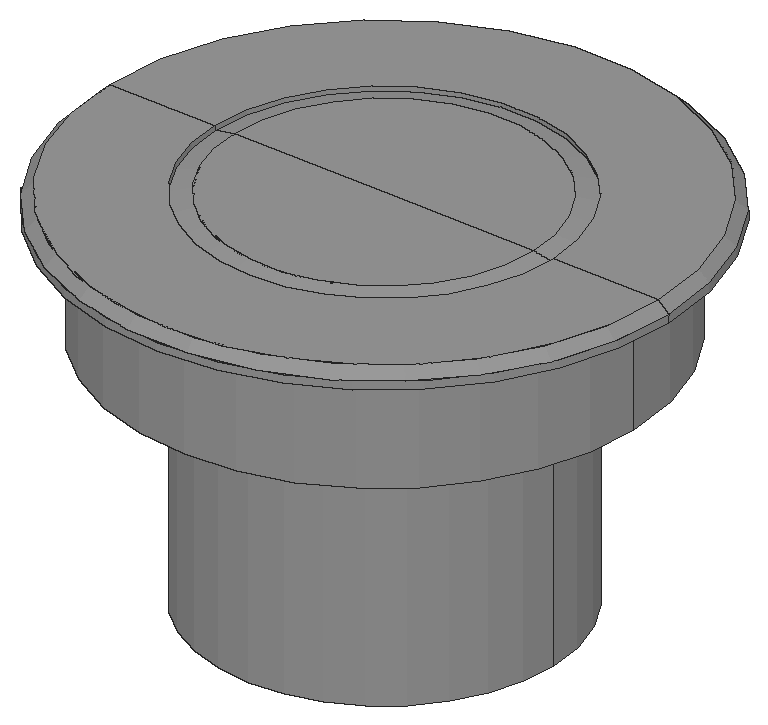
Revit family "4069950 Sylvania Lighting Fixture PATHE CEILING ROUND3 WIDE 107LM LED 3K", category Lighting Fixtures, host Face, Revit 2016
Family settings
  Host = Face
  Part Type = Normal
  Round Connector Dimension = Use Diameter
  OmniClass Number = 23.80.70.00
  OmniClass Title = Lighting
  Cut with Voids When Loaded = No
  Light Source = Yes
  Shared = No
  Room Calculation Point = No
Parameters (values of type "4069950 PATHE/C/R3 WIDE 107LM LED 3K")
  Weight = "1.0 kg"
  Wattage Comments = ""
  Wattage = 4.4 W
  WarrantyStartDate [instance] = "n/a"
  WarrantyGuarantorParts = "n/a"
  WarrantyDurationUnit = "n/a"
  WarrantyDurationParts = "n/a"
  WarrantyDescription = "n/a"
  built-in parameter 1150110 = 1 (stored number, unit not read)
  Voltage = 0 V
  URL = "http://www.sylvania-lighting.com"
  TypeName = "PATHE/CEILING/ROUND3 WIDE 107LM LED 3K"
  Type Image = <None>
  Type Comments = "n/a"
  built-in parameter 1114217 = 1 (stored number, unit not read)
  Tilt Angle = -90.00°
  built-in parameter 1150109 = 1 (stored number, unit not read)
  built-in parameter 1150134 = (empty or 0)
  built-in parameter 1150113 = 1 (stored number, unit not read)
  SerialNumber [instance] = "n/a"
  Radius_SYL = 74 mm
  RadiusDiffuser_SYL = 44 mm
  Photometric Web File = "4069950.ies"
  Material_5_SYL = Steel AISI 1006 85 HR
  Material_3_SYL = Inside_Sylvania_Pathe_Black
  PowerFactor = 0
  PowerConsumption = "4.4 W"
  NominalLength = 148 mm
  NominalHeight = 110 mm
  NominalDepth = 0 mm
  Name = "PATHE/CEILING/ROUND3 WIDE 107LM LED 3K"
  ModelReference = Name  # "PATHE/CEILING/ROUND3 WIDE 107LM LED 3K"
  ModelNumber = "4069950"
  Model = Name  # "PATHE/CEILING/ROUND3 WIDE 107LM LED 3K"
  Material = "corrosion resistant die-cast aluminium body. aluminium fixing bracket. housing, tempered safety glass diffuser"
  ManufacturerName = "Feilo Sylvania"
  Manufacturer = "Feilo Sylvania"
  LuminousEfficacy = "24.31 lm/W"
  built-in parameter 1150105 = 8.5148 (stored number, unit not read)
  Lumens = 107 lm
  LuminaireType = ""
  built-in parameter 1150115 = 1 (stored number, unit not read)
  LightOutputRatio = "100"
  built-in parameter 1150137 = (empty or 0)
  built-in parameter 1150139 = (empty or 0)
  LampsType = Lamp  # "LED"
  LampNominalLuminous = "107 lm"
  LampMacAdamStep = "n/a"
  LampColourTemperature = "3000 K"
  LampColourRenderingIndex = "80"
  built-in parameter 1150112 = 1 (stored number, unit not read)
  built-in parameter 1150114 = 1 (stored number, unit not read)
  Lamp = "LED"
  Keynote = "16500"
  InstallationDate [instance] = "n/a"
  InputVoltage = "n/a"
  InputNominalFrequency = "n/a"
  built-in parameter 1150132 = (empty or 0)
  built-in parameter 1150102 = (empty or 0)
  built-in parameter 1150107 = 3000 (stored number, unit not read)
  built-in parameter 1150138 = (empty or 0)
  IngressProtection = "IP66"
  ImpactProtectionIndex = "IK10"
  built-in parameter 1150106 = 0.085148 (stored number, unit not read)
  IfcExportType = "IfcLightFixtureType"
  IfcExportAs = "IfcLightFixtureType"
  HieghtTop_SYL = 3 mm
  ExpectedLife = 50000
  Emit from Circle Diameter = RadiusDiffuser_SYL * 2  # 88 mm
  Emit Shape Visible in Rendering = no
  ElectricShockClassification = "Class I"
  built-in parameter 1150104 = 2.2592 (stored number, unit not read)
  DurationUnit = "hours"
  DocumentationLiterature = "http://www.sylvania-lighting.com/product/en-int/products/4069950"
  DimmingControlOptions = "n/a"
  Material_2_SYL = LED-Sylvania
  Dimming Lamp Color Temperature Shift = <None>
  Description = "Round recessed ceiling mounted luminaireCorrosion resistant anodized aluminium, 107lm, 4,4W, 24lm/W, 3000K, CRI80+, non dimmable, IP66, IK10, (ØxD) 135x92mm, 3 step MacAdam ellipse, 1.2kg, Class I, 220-240V, A++ A+ A"
  Default Elevation = 1219.2 mm
  CreatedOn = "9/21/2018"
  CreatedBy = "@sylvania-lighting.com"
  Cost = 0
  Color Filter = 16777215
  built-in parameter 1114216 [instance] = (empty or 0)
  ClassificationValue = "EF_70_80"
  ClassificationName = "Uniclass2015"
  Material_1_SYL = Aluminum 6061 T6 80 Hot Formed
  ChamferTop_SYL = 2.5 mm
  ChamferDiffuserTop_SYL = 5 mm
  ChamferDiffuserSide_SYL = 1 mm
  BarCode [instance] = "n/a"
  built-in parameter 1114218 = 1 (stored number, unit not read)
  built-in parameter 1150133 = 10 (stored number, unit not read)
  AssetType = "Fixed"
  AssetIdentifier [instance] = "n/a"
  Assembly Code = "D5020200"
  Apparent Load = 4.4 VA
  Material_4_SYL = Polycarbonate, Clear
Reference planes
  plane 1 "Center (Front/Back)": y = 0
  plane 2: z = 0
  plane 3 "Center (Left/Right)": x = 0
  plane 4: x = -74
  plane 5: x = -44
  plane 6: z = 3
  plane 7: x = -71.5
  plane 8: x = -39
  plane 9: z = 2
  plane 10: z = 0.5
  plane 11: x = -55.75
  plane 12: x = -25
  plane 13: z = -12
  plane 14: x = -27.5
  plane 15: z = -11
  plane 16: x = -24
  plane 17: z = -15
  plane 18: x = -69
  plane 19: z = -1.5
  plane 20: x = -67.5
  plane 21: z = -92
  plane 22: z = -29.5
  plane 23: x = -65
  plane 24: x = -45
Forms (mm)
  Revolve 1, solid, material "Aluminum 6061 T6 80 Hot Formed" <- "Material_1_SYL"
    sketch origin (0, 0, 0) x (1, 0, 0) y (0, 0, 1)
      loop
        line (-71.5, 3) -> (-74, 0.5) -> (-74, -1.5) -> (-65, -1.5) -> (-65, -29.5) -> (-44, -29.5) -> (-44, -92) -> (0, -92) -> (0, -12) -> (-25, -12) -> (-27.5, -15) -> (-55.75, -15) -> (-55.75, 0) -> (-44, 0) -> (-44, 3) -> (-71.5, 3)
      axis (0, 3) -> (0, -92)
    angle from 360 to 0
  Revolve 2, solid, material "Polycarbonate, Clear" <- "Material_4_SYL"
    sketch origin (0, 0, 0) x (1, 0, 0) y (0, 0, 1)
      loop
        line (-44, 2) -> (-44, 0) -> (0, 0) -> (0, 3) -> (-39, 3) -> (-44, 2)
      axis (0, 3) -> (0, 0)
    angle from 360 to 0
  Revolve 3, void
    sketch origin (0, 0, 0) x (1, 0, 0) y (0, 0, 1)
      loop
        line (0, -29.5) -> (0, 0) -> (-67.5, 0) -> (-67.5, -29.5) -> (0, -29.5)
      axis (0, 0) -> (0, -29.5)
    angle from 360 to 0
  Revolve 4, solid, material "LED-Sylvania" <- "Material_2_SYL"
    sketch origin (0, 0, 0) x (1, 0, 0) y (0, 0, 1)
      loop
        line (-25, -12) -> (0, -12) -> (0, -11) -> (-24, -11) -> (-25, -12)
      axis (0, -11) -> (0, -12)
    angle from 360 to 0
Cuts and joins
  Revolve 3 cuts Revolve 2
Lines and regions (mm)
  reference lines
    curve 1: line (0, 0, -12) -> (0, -11.75, -12)
Dimensions and locks
  "Radius_SYL": plane 3 "Center (Left/Right)" to plane 4
  "RadiusDiffuser_SYL": plane 3 "Center (Left/Right)" to plane 5
  "ChamferTop_SYL": plane 7 to plane 4
  "ChamferDiffuserSide_SYL": plane 6 to plane 9
  "ChamferDiffuserTop_SYL": plane 8 to plane 5
  "ChamferTop_SYL": plane 6 to plane 10
  "HieghtTop_SYL": plane 6 to plane 2
  locked: plane 11 to plane 4 at 18.25
  locked: plane 3 "Center (Left/Right)" to plane 12 at 25
  locked: plane 14 to plane 12 at 2.5
  locked: plane 12 to plane 16 at 1
  locked: plane 15 to plane 13 at 1
  locked: host face to plane 17 at 15
  locked: plane 13 to plane 17 at 3
  locked: plane 3 "Center (Left/Right)" to plane 18 at 69
  plane 2 to plane 19 = 1.5 mm
  locked: plane 3 "Center (Left/Right)" to plane 20 at 67.5
  locked: plane 2 to plane 21 at 92
  locked: plane 2 to plane 22 at 29.5
  locked: plane 3 "Center (Left/Right)" to plane 23 at 65
  locked: plane 3 "Center (Left/Right)" to plane 24 at 45
  aligned and locked: plane 2 to host face
  aligned and locked: level to host face
  aligned and locked: plane 6 to Revolve 1 sketch curve
  aligned and locked: Revolve 1 sketch curve to plane 3 "Center (Left/Right)"
  aligned and locked: level to Revolve 1 sketch curve
  aligned and locked: plane 5 to Revolve 1 sketch curve
  aligned and locked: plane 6 to Revolve 2 sketch curve
  aligned and locked: Revolve 2 sketch curve to plane 3 "Center (Left/Right)"  (x2)
  aligned and locked: Revolve 1 to Revolve 2 sketch curve
  aligned and locked: plane 8 to Revolve 2 sketch curve
  aligned and locked: plane 5 to Revolve 2 sketch curve
  aligned and locked: plane 9 to Revolve 2 sketch curve
  aligned and locked: imposter light to plane 6
  aligned and locked: imposter light to plane 1 "Center (Front/Back)"
  aligned and locked: plane 3 "Center (Left/Right)" to imposter light
  aligned and locked: plane 7 to Revolve 1 sketch curve
  aligned and locked: Revolve 3 sketch curve to plane 3 "Center (Left/Right)"  (x2)
  aligned and locked: Revolve 3 sketch curve to Revolve 1
  aligned and locked: Revolve 3 sketch curve to level
  aligned and locked: plane 11 to Revolve 1 sketch curve
  aligned and locked: Revolve 1 sketch curve to Revolve 1 sketch curve
  aligned and locked: plane 13 to Revolve 1 sketch curve
  aligned and locked: plane 14 to Revolve 1 sketch curve
  aligned and locked: plane 12 to Revolve 1 sketch curve
  aligned and locked: plane 3 "Center (Left/Right)" to curve 1
  aligned and locked: Revolve 1 to Revolve 4 sketch curve
  aligned and locked: plane 16 to Revolve 4 sketch curve
  aligned and locked: Revolve 4 sketch curve to Revolve 1
  aligned and locked: plane 15 to Revolve 4 sketch curve
  aligned and locked: Revolve 4 sketch curve to plane 3 "Center (Left/Right)"  (x2)
  aligned and locked: Revolve 1 sketch curve to plane 4
  aligned and locked: plane 19 to Revolve 1 sketch curve
  aligned and locked: plane 20 to Revolve 3 sketch curve
  aligned and locked: plane 22 to Revolve 1 sketch curve
  aligned and locked: Revolve 1 sketch curve to plane 5
  aligned and locked: plane 21 to Revolve 1 sketch curve
Automatic sketch dimensions
  host sketch curve to host sketch curve = 2438.4 mm  (x2)
  Revolve 2 sketch curve to Revolve 2 sketch curve = 2607.058 mm
  Revolve 4 sketch curve to plane 6 = 2606.858 mm
  plane 1 "Center (Front/Back)" to curve 1 = 0 mm
  curve 1 to curve 1 = 11.75 mm
  Revolve 3 sketch curve to plane 6 = 2607.058 mm
  plane 21 to Revolve 2 sketch curve = 517.6 mm
  plane 21 to Revolve 3 sketch curve = 517.6 mm
  plane 21 to Revolve 4 sketch curve = 517.6 mm
  Revolve 1 sketch curve to plane 23 = 0 mm
  Revolve 1 sketch curve to plane 17 = 0 mm
  Revolve 1 sketch curve to plane 10 = 0 mm
  plane 21 to Revolve 1 sketch curve = 517.6 mm
  Revolve 1 sketch curve to plane 6 = 2607.058 mm
Connectors
  electrical at (0, 0, 0), driven by "Apparent Load", driven by "PowerFactor", driven by "Voltage"
    settings: index 1, voltage 0 V, apparent load 4.4 VA, apparent load phase1 0 VA, apparent load phase2 0 VA, apparent load phase3 0 VA, power factor 0, load classification "Lighting", number of poles 1, system type 30, power factor state 1, is connector primary yes, connector utility no, sub classification motor no, connector description ""
